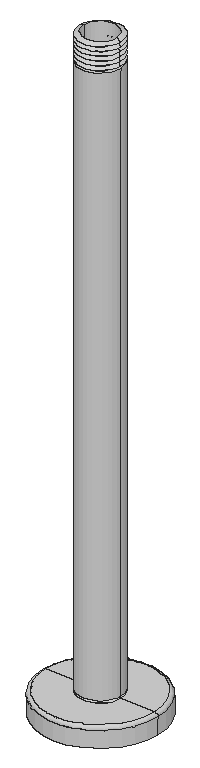
Revit family "S-2581", category Plumbing Equipment, host Face, Revit 2023
Family settings
  Host = Face
  Round Connector Dimension = Use Diameter
  Classification = None
  Part Type = Normal
  Cut with Voids When Loaded = No
  Maintain Annotation Orientation = No
  Shared = No
  Room Calculation Point = No
Parameters
  MATERIAL = steel
  Default Elevation = 4' - 0"
Reference planes (in)
  plane 1 "Center (Front/Back)": y = 0
  plane 2: z = 0
  plane 3 "Center (Left/Right)": x = 0
  plane 4: z = 0
  plane 5: z = 11.85
Forms (in)
  Extrusion 1, solid, material "steel" <- "MATERIAL"
    sketch origin (0, 0, -0.10147) x (0, 1, 0) y (-1, 0, 0)
      loop
        circle (0, 0) r 0.40625
      loop
        circle (0, 0) r 0.32214
    from 0.53086 to 11.45147
  Revolve 2, solid, material "steel" <- "MATERIAL"
    sketch origin (0, 0, 0.35) x (-1, 0, 0) y (0, 0, -1)
      loop
        line (-0.32214, 0.5) -> (-0.40619, 0.45147) -> (-0.33361, 0.40957) -> (-0.40619, 0.36766) -> (-0.33361, 0.32575) -> (-0.40619, 0.28385) -> (-0.33361, 0.24194) -> (-0.40619, 0.20003) -> (-0.33361, 0.15813) -> (-0.40619, 0.11622) -> (-0.33361, 0.07431) -> (-0.40619, 0.03241) -> (-0.33361, 0.00442) -> (-0.40619, -0.03749) -> (-0.32214, -0.07939) -> (-0.32214, 0.5)
      axis (0, -0.07939) -> (0, 0.5)
    angle from 0 to 360
  Revolve 3, solid, material "steel" <- "MATERIAL"
    sketch origin (0, 0, 0) x (1, 0, 0) y (0, 0, 1)
      loop
        line (-1.125, 0) -> (-0.32214, 0) -> (-0.32214, 0.375) -> (-1.0625, 0.375)
        arc (-1.0625, 0.375) -> (-1.10669, 0.35669) -> (-1.125, 0.3125) r 0.0625
        line (-1.125, 0.3125) -> (-1.125, 0)
      axis (0, 0.375) -> (0, 0)
    angle from 0 to 360
  Revolve 4, solid, material "steel" <- "MATERIAL"
    sketch origin (0, 0, 11.85) x (-1, 0, 0) y (0, 0, -1)
      loop
        line (-0.32214, 0.5) -> (-0.40619, 0.45147) -> (-0.33361, 0.40957) -> (-0.40619, 0.36766) -> (-0.33361, 0.32575) -> (-0.40619, 0.28385) -> (-0.33361, 0.24194) -> (-0.40619, 0.20003) -> (-0.33361, 0.15813) -> (-0.40619, 0.11622) -> (-0.33361, 0.07431) -> (-0.40619, 0.03241) -> (-0.32214, 0) -> (-0.32214, 0.5)
      axis (0, 0) -> (0, 0.5)
    angle from 0 to 360
Lines and regions (in)
  symbolic lines, not visible
    curve 1: line (0, 0, 11.85) -> (-0.45833, 0, 12.64386)
    curve 2: line (-0.45833, 0, 12.64386) -> (-0.95833, 0, 12.64386)
    curve 3: line (0, 0, 11.85) -> (-0.21651, 0, 11.975)
    curve 4: line (0, 0, 11.85) -> (0, 0, 12.1)
Text (in)
  text "2X 1/2-14 NPTF" at (-1.01364, 0, 12.76836), in view "Back"
  text "⌀" at (0.59707, 0, -0.74131), in view "Back"
  text "⌀" at (2.09996, 0, 2.59207), in view "Back"
  text "⌀" at (-0.3724, 0, -0.74131), in view "Front"
  text "⌀" at (1.10648, 0, 2.59207), in view "Front"
  text "2X 1/2-14 NPTF" at (-1.01364, 0, 12.80128), in view "Front"
Dimensions and locks (in)
  Revolve 3 to Revolve 3 = 0' - 0 3/8"  (x2)
  Extrusion 1 to Extrusion 1 = 0' - 0 13/16"  (x2)
  Revolve 3 to Revolve 3 = 0' - 2 1/4"  (x2)
  Revolve 2 to Revolve 4 = 1' - 0"  (x2)
  aligned and locked: plane 2 to host face
  aligned and locked: level to host face
